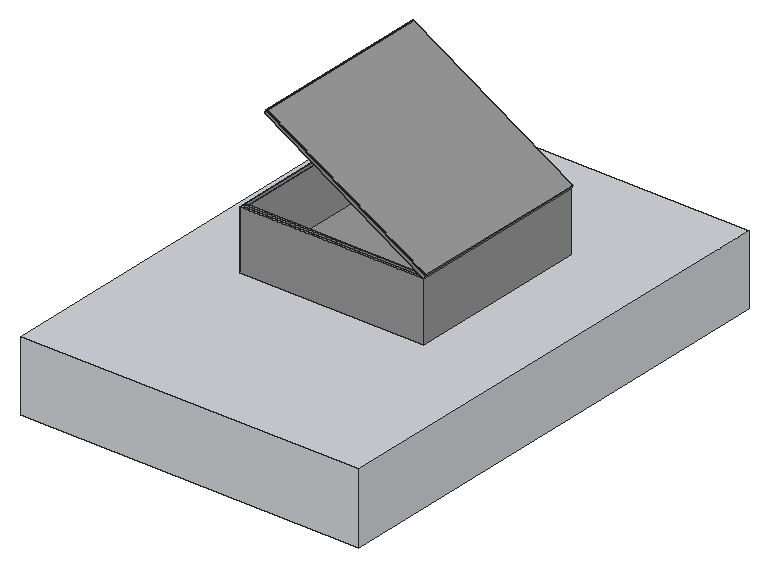
Revit family "Hager-Univers-IP55-D275-H800-Cl.II-Steel_encl-CH-fr", category Equipement électrique, Revit 2020
Family settings
  Hôte = Face
  Configuration du panneau = Deux colonnes, circuits au sein
  Cote de connecteur circulaire = Utiliser le diamètre
  Type d'élément = Tableau de raccordement
  Couper avec des vides une fois chargée = Non
  Partagée = Non
  Point de calcul de pièce = Non
Parameters (values of type "saillie IP55 L800 H800 P275  - FR53S")
  Width Control [instance] = if([EF000008 - largeur] > Min Width, [EF000008 - largeur], Min Width)  # 800 mm
  Commentaires du type = [HG000003 - Gamme]  # "Univers"
  Thickness Door [instance] = if([EF009171 - épaisseur de matériau de la porte/du couvercle] > 3 mm, 3 mm, [EF009171 - épaisseur de matériau de la porte/du couvercle])  # 1.5 mm
  Seal Frame Offset [instance] = 17 mm  # constant formula
  Plinth Visibility [instance] = [HG000027 - Hauteur du socle] > 0 mm  # no
  Model = ""
  Min Width [instance] = 100 mm  # constant formula
  Min Height [instance] = 100 mm  # constant formula
  Min Depth [instance] = (2 * [EF009170 - épaisseur de matériau du boîtier]) + 1 mm  # 4 mm
  Internal Frame Depth [instance] = (Door System Depth * 0.5)  # 9 mm
  Height Control [instance] = if([EF000040 - hauteur] > Min Height, [EF000040 - hauteur], Min Height)  # 800 mm
  HG000027 - Hauteur du socle = 0 mm
  HG000026 - Installation au sol = no
  HG000024 - Hauteur de la section basse = 800 mm
  HG000023 - Armoire double section = no
  HG000016 - Visibilité de la porte 3D [instance] = yes
  HG000015 - Visibilité de l'emprise de la porte [instance] = no
  HG000014 - Porte à droite [instance] = yes
  HG000013 - Porte à gauche [instance] = not([HG000014 - Porte à droite])  # no
  HG000012 - Angle de pivotement de la porte [instance] = 30.00°
  HG000010 - Portes asymétriques = no
  HG000009 - Porte à double battant = no
  HG000006 - Encastré = no
  HG000004 - Référence fabricant = "FR53S"
  HG000003 - Gamme = "Univers"
  HG000002 - avec porte = yes
  Frame Offset Bottom [instance] = 10 mm  # constant formula
  Frame Offset [instance] = 15 mm  # constant formula
  EF015940 - couvercle avec décharge de pression = no
  EF011959 - degré de protection (NEMA) = ""
  EF009554 - nombre d'ouvertures pour plaques à bride = 6
  Fabricant = "Hager"  # constant formula
  EF009212 - finition du couvercle = "EV000116 - fermé"
  EF009171 - épaisseur de matériau de la porte/du couvercle = 1.5 mm
  EF009170 - épaisseur de matériau du boîtier = 1.5 mm
  EF008873 - courant nominal (In) = 800 A
  EF007800 - adapté à un parafoudre = no
  EF006306 - avec serrure = no
  EF006244 - couvercle/porte transparent(e) = no
  EF005474 - indice de protection (IP) = "EV006420 - IP55"
  EF004464 - type de porte = "EV002646 - unique"
  EF004427 - nombre de modules = 180
  EF004293 - indice de protection contre les chocs (IK) = "EV008784 - IK10"
  EF003532 - convient pour utilisation à l’extérieur = no
  EF002950 - largeur en nombre de modules = 24
  EF001613 - maintien de fonction = "EV000494 - sans"
  EF001596 - matériau du boîtier/corps = "EV000179 - acier"
  EF001131 - profondeur intérieure = 275 mm
  EF001088 - possibilité de montage en saillie = yes
  EF000437 - nombre d'entrées de conduit = 6
  EF000339 - type de capot = "EV004216 - porte"
  EF000266 - nombre de rangées = 5
  EF000218 - profondeur d'encastrement = 0 mm
  EF000118 - avec cadre/support de montage = no
  EF000116 - numéro RAL = "7035"
  EF000049 - profondeur = 275 mm
  EF000040 - hauteur = 800 mm
  EF000008 - largeur = 800 mm
  EF000007 - couleur = "EV000270 - gris"
  EF000003 - mode de pose = "EV000384 - saillie"
  Door System Leaf Tolerance [instance] = 1.5 mm  # constant formula
  Door System Depth [instance] = 18 mm  # constant formula
  Door Height [instance] = Height Control - [HG000027 - Hauteur du socle]  # 800 mm
  Depth Control [instance] = if([EF000049 - profondeur] > Min Depth, [EF000049 - profondeur], Min Depth)  # 275 mm
  Default Elevation = 0 mm
  Connector Offset [instance] = Height Control / 2  # 400 mm
  Bottom Top Plate Trim [instance] = 1.5 mm  # constant formula
  Plinth height Ctrl [instance] = if([HG000027 - Hauteur du socle] > 0 mm, [HG000027 - Hauteur du socle], 12 mm)  # 12 mm
Types (5, lengths in mm): name | Width Control | HG000010 - Portes asymétriques | HG000009 - Porte à double battant | HG000004 - Référence fabricant | EF009554 - nombre d'ouvertures pour plaques à bride | EF004464 - type de porte | EF004427 - nombre de modules | EF000437 - nombre d'entrées de conduit | EF000008 - largeur
  saillie IP55 L1050 H800 P275  - FR54S | 1050 | no | yes | "FR54S" | 8 | "EV003602 - double" | 240 | 8 | 1050
  saillie IP55 L1300 H800 P275  - FR55S | 1300 | yes | yes | "FR55S" | 10 | "EV003602 - double" | 300 | 10 | 1300
  saillie IP55 L300 H800 P275  - FR51S | 300 | no | no | "FR51S" | 2 | "EV002646 - unique" | 60 | 2 | 300
  saillie IP55 L550 H800 P275  - FR52S | 550 | no | no | "FR52S" | 4 | "EV002646 - unique" | 120 | 4 | 550
  saillie IP55 L800 H800 P275  - FR53S | 800 | no | no | "FR53S" | 6 | "EV002646 - unique" | 180 | 6 | 800
Reference planes
  plane 1 "Center (Front/Back)": y = 0
  plane 2: z = 0
  plane 3 "Center (Left/Right)": x = 0
  plane 4: z = 275
  plane 5: y = 1.5
  plane 6: y = 400
  plane 7: y = 0
  plane 8: y = 800
  plane 9: z = 0
  plane 10: x = -385
  plane 11: x = 385
  plane 12: x = 383.5
  plane 13: x = -383.5
  plane 14: y = 798.5
  plane 15: x = -383
  plane 16: x = -400
  plane 17: x = 383
  plane 18: x = 400
  plane 19: x = 398.5
  plane 20: x = -398.5
  plane 21: y = 11.5
  plane 22: y = 800
  plane 23: y = 783.5
  plane 24: z = 257
  plane 25: z = 1.5
  plane 26: z = 255.5
  plane 27: z = 273.5
Forms (mm)
  Extrusion 1, solid
    sketch origin (0, 0, 0) x (1, 0, 0) y (0, 1, 0)
      loop
        line (-702.964, 1305) -> (-702.964, -811.445) -> (766.763, -811.445) -> (766.763, 1305) -> (-702.964, 1305)
    from 0 to -304.8
  Extrusion 2, solid, material "Hager_Steel_RAL7035_Light_Grey", visible <- "Plinth Visibility", detail levels medium+fine
    sketch origin (0, 0, 0) x (1, 0, 0) y (0, 1, 0)
      loop
        line (-400, 0) -> (400, 0) -> (400, 12) -> (-400, 12) -> (-400, 0)
    from 0 to 257
  Extrusion 3, solid, material "Hager_Steel_RAL7035_Light_Grey", detail levels medium+fine
    sketch origin (0, 0, 0) x (1, 0, 0) y (0, 1, 0)
      loop
        line (-400, 0) -> (400, 0) -> (400, 800) -> (-400, 800) -> (-400, 0)
    from 0 to 257
  Extrusion 4, void
    sketch origin (0, 0, 0) x (1, 0, 0) y (0, 1, 0)
      loop
        line (-398.5, 1.5) -> (398.5, 1.5) -> (398.5, 798.5) -> (-398.5, 798.5) -> (-398.5, 1.5)
    from 1.5 to 255.5
  Extrusion 5, void
    sketch origin (-381.607, -4572, 257) x (0, -1, 0) y (-1, 0, 0)
      loop
        line (-4583.5, 1.893) -> (-5355.5, 1.893) -> (-5355.5, -765.107) -> (-4583.5, -765.107) -> (-4583.5, 1.893)
    from 0 to 1.5 <- "EF009170 - épaisseur de matériau du boîtier"
  Extrusion 6, solid, material "Hager_Steel_RAL7035_Light_Grey", detail levels fine
    sketch origin (0, 0, 257) x (1, 0, 0) y (0, 1, 0)
      loop
        line (-383.5, 783.5) -> (-383.5, 11.5) -> (383.5, 11.5) -> (383.5, 783.5) -> (-383.5, 783.5)
      loop
        line (-385, 10) -> (385, 10) -> (385, 785) -> (-385, 785) -> (-385, 10)
    from 0 to 9 <- "Internal Frame Depth"
  Extrusion 7, solid, material "Hager_Steel_RAL7035_Light_Grey", detail levels coarse
    sketch origin (0, 0, 0) x (1, 0, 0) y (0, 1, 0)
      loop
        line (-400, 0) -> (400, 0) -> (400, 800) -> (-400, 800) -> (-400, 0)
    from 0 to 275
  Sweep 8, void
    path in 3D
      loop
        line (-400, 12, 0) -> (400, 12, 0) -> (400, 12, 257) -> (-400, 12, 257) -> (-400, 12, 0)
    profile origin (-400, 12, 128.5) x (-1, 0, 0) y (0, -1, 0)
      loop
        line (0, 0) -> (0, 1.5) -> (-1.5, 1.5)
        arc (-1.5, 1.5) -> (-1.061, 0.439) -> (0, 0) r 1.5
Cuts and joins
  Extrusion 4, Extrusion 5 cuts Extrusion 3
  Sweep 8 cuts Extrusion 2
Lines and regions (mm)
  Masking region 1
    outline origin (0, 0, 0) x (1, 0, 0) y (0, 0, 1)
      loop
        line (-400, 275) -> (-400, 0) -> (400, 0) -> (400, 275) -> (-400, 275)
  Masking region 2, detail levels medium+fine
    outline origin (0, 140, 0) x (0, 1, 0) y (0, 0, 1)
      loop
        line (-140, 0) -> (660, 0) -> (660, 257) -> (-140, 257) -> (-140, 0)
  Masking region 3, not visible, detail levels medium+fine
    outline origin (0, 297.922, 0) x (0, 1, 0) y (0, 0, 1)
      loop
        line (113.578, 0) -> (153.578, 0) -> (153.578, 263.5)
        arc (153.578, 263.5) -> (150.649, 270.571) -> (143.578, 273.5) r 10
        line (143.578, 273.5) -> (113.578, 273.5) -> (113.578, 0)
  Masking region 4, detail levels coarse
    outline origin (0, 0, 180) x (0, 1, 0) y (0, 0, 1)
      loop
        line (0, -180) -> (800, -180) -> (800, 95) -> (0, 95) -> (0, -180)
  Masking region 5, visible <- "Plinth Visibility", detail levels medium+fine
    outline origin (0, 52.24, 12.345) x (0, 0, -1) y (0, 1, 0)
      loop
        line (10.845, -40.24) -> (-243.155, -40.24)
        arc (-243.155, -40.24) -> (-243.594, -41.301) -> (-244.655, -41.74) r 1.5
        line (-244.655, -41.74) -> (-244.655, -52.24) -> (12.345, -52.24) -> (12.345, -41.74)
        arc (12.345, -41.74) -> (11.285, -41.301) -> (10.845, -40.24) r 1.5
  Masking region 6, detail levels medium+fine
    outline origin (-381.607, -4572, 257) x (-1, 0, 0) y (0, -1, 0)
      loop
        line (18.393, -5372) -> (18.393, -4572) -> (-781.607, -4572) -> (-781.607, -5372) -> (18.393, -5372)
  Masking region 7, visible <- "Plinth Visibility", detail levels medium+fine
    outline origin (-381.607, -4727, 257) x (-1, 0, 0) y (0, -1, 0)
      loop
        arc (16.893, -4739) -> (17.332, -4737.939) -> (18.393, -4737.5) r 1.5
        line (18.393, -4737.5) -> (18.393, -4727) -> (-781.607, -4727) -> (-781.607, -4737.5)
        arc (-781.607, -4737.5) -> (-780.546, -4737.939) -> (-780.107, -4739) r 1.5
        line (-780.107, -4739) -> (16.893, -4739)
  Masking region 8, detail levels coarse
    outline origin (-442.548, -4669.526, 257) x (-1, 0, 0) y (0, -1, 0)
      loop
        line (-42.548, -5469.526) -> (-42.548, -4669.526) -> (-842.548, -4669.526) -> (-842.548, -5469.526) -> (-42.548, -5469.526)
  sketch lines
    curve 1: line (-400, 12, 257) -> (-400, 12, 0)
    curve 2: line (400, 12, 257) -> (-400, 12, 257)
    curve 3: line (400, 12, 257) -> (400, 12, 0)
    curve 4: line (-400, 12, 0) -> (400, 12, 0)
Dimensions and locks
  "Depth Control": plane 4 to Extrusion 1
  "HG000027 - Hauteur du socle": plane 1 "Center (Front/Back)" to plane 7
  "EF009170 - épaisseur de matériau du boîtier": plane 5 to plane 7
  locked: connector elem to plane 3 "Center (Left/Right)"
  equal spacing: plane 8, plane 6, plane 7
  locked: connector elem to plane 6
  "EF009170 - épaisseur de matériau du boîtier": plane 8 to plane 14
  "EF009170 - épaisseur de matériau du boîtier": plane 10 to plane 13
  "EF009170 - épaisseur de matériau du boîtier": plane 12 to plane 11
  "Frame Offset": plane 20 to plane 13
  "Frame Offset": plane 12 to plane 19
  "EF009170 - épaisseur de matériau du boîtier": plane 16 to plane 20
  "EF009170 - épaisseur de matériau du boîtier": plane 19 to plane 18
  "Seal Frame Offset": plane 16 to plane 15
  "Seal Frame Offset": plane 17 to plane 18
  "Frame Offset Bottom": plane 21 to plane 5
  "Frame Offset": plane 14 to plane 23
  equal spacing: plane 16, plane 3 "Center (Left/Right)", plane 18
  "Width Control": plane 16 to plane 18
  "EF009170 - épaisseur de matériau du boîtier": plane 4 to plane 27
  "EF009170 - épaisseur de matériau du boîtier": plane 24 to plane 26
  "EF009170 - épaisseur de matériau du boîtier": plane 25 to level
  "Door System Depth": plane 4 to plane 24
  "Height Control": plane 1 "Center (Front/Back)" to Extrusion 7 sketch curve
  "Height Control": Masking region 4 sketch curve to plane 1 "Center (Front/Back)"
  "Height Control": plane 1 "Center (Front/Back)" to plane 22
  "Bottom Top Plate Trim": profile plane to Sweep 8 sketch curve
  "Bottom Top Plate Trim": Sweep 8 sketch curve to profile plane
  "Plinth height Ctrl": plane 1 "Center (Front/Back)" to Extrusion 2 sketch curve
  "Plinth height Ctrl": Masking region 5 sketch curve to plane 1 "Center (Front/Back)"
  "Plinth height Ctrl": plane 1 "Center (Front/Back)" to Masking region 7 sketch curve
  "Thickness Door": Extrusion 6 sketch curve to Extrusion 6 sketch curve  (x3)
  "Thickness Door": cut or joined group of Extrusion 3, Extrusion 4, Extrusion 5 to Extrusion 6 sketch curve
  radius of Masking region 3 sketch curve = 10 mm
  "Bottom Top Plate Trim": radius of Masking region 5 sketch curve  (x2)
  "Bottom Top Plate Trim": radius of Sweep 8 sketch curve
  "Bottom Top Plate Trim": radius of Masking region 7 sketch curve  (x2)
  aligned and locked: plane 2 to Extrusion 1
  aligned and locked: level to Extrusion 1
  aligned and locked: level to Masking region 1 sketch curve
  aligned and locked: Masking region 1 sketch curve to plane 18
  aligned and locked: Masking region 1 sketch curve to plane 16
  aligned and locked: plane 7 to Masking region 2 sketch curve
  aligned and locked: level to Masking region 3 sketch curve
  aligned and locked: Masking region 3 sketch curve to plane 27
  aligned and locked: level to Masking region 2 sketch curve
  aligned and locked: plane 1 "Center (Front/Back)" to Extrusion 2 sketch curve
  aligned and locked: Extrusion 3 sketch curve to plane 7
  aligned and locked: plane 16 to Extrusion 3 sketch curve
  aligned and locked: plane 18 to Extrusion 3 sketch curve
  aligned and locked: plane 20 to Extrusion 4 sketch curve
  aligned and locked: plane 19 to Extrusion 4 sketch curve
  aligned and locked: Extrusion 4 sketch curve to plane 5
  aligned and locked: Extrusion 4 to plane 25
  aligned and locked: plane 26 to Extrusion 4
  aligned and locked: plane 24 to Extrusion 3
  aligned and locked: Extrusion 5 sketch curve to plane 21
  aligned and locked: Extrusion 5 sketch curve to plane 13
  aligned and locked: Extrusion 5 sketch curve to plane 12
  aligned and locked: plane 18 to Extrusion 7 sketch curve
  aligned and locked: plane 1 "Center (Front/Back)" to Extrusion 7 sketch curve
  aligned and locked: plane 16 to Extrusion 7 sketch curve
  aligned and locked: plane 4 to Extrusion 7
  aligned and locked: Extrusion 7 to level
  aligned and locked: level to Masking region 4 sketch curve
  aligned and locked: Masking region 4 sketch curve to plane 1 "Center (Front/Back)"
  aligned and locked: Masking region 4 sketch curve to plane 4
  aligned and locked: nested 1 to level
  aligned and locked: nested 1 to plane 16
  aligned and locked: plane 8 to Extrusion 3 sketch curve
  aligned and locked: plane 23 to Extrusion 5 sketch curve
  aligned and locked: plane 14 to Extrusion 4 sketch curve
  aligned and locked: Masking region 2 sketch curve to plane 8
  aligned and locked: level to Masking region 5 sketch curve
  aligned and locked: plane 16 to Extrusion 2 sketch curve
  aligned and locked: plane 18 to Extrusion 2 sketch curve
  aligned and locked: Masking region 5 sketch curve to plane 24
  aligned and locked: Masking region 2 sketch curve to plane 24
  aligned and locked: plane 24 to Extrusion 2
  aligned and locked: profile plane to Sweep 8 sketch curve  (x2)
  aligned and locked: Masking region 6 sketch curve to plane 18
  aligned and locked: Masking region 6 sketch curve to plane 22
  aligned and locked: Masking region 6 sketch curve to plane 16
  aligned and locked: plane 8 to plane 22
  aligned and locked: Masking region 6 sketch curve to plane 7
  aligned and locked: Masking region 7 sketch curve to plane 16
  aligned and locked: Masking region 7 sketch curve to plane 1 "Center (Front/Back)"
  aligned and locked: Masking region 7 sketch curve to plane 18
  aligned and locked: Masking region 8 sketch curve to plane 1 "Center (Front/Back)"
  aligned and locked: Masking region 8 sketch curve to plane 18
  aligned and locked: Masking region 8 sketch curve to plane 22
  aligned and locked: Masking region 8 sketch curve to plane 16
  aligned and locked: nested 2 to plane 7
  aligned and locked: plane 3 "Center (Left/Right)" to nested 2
  aligned and locked: nested 2 to plane 24
  aligned and locked: Extrusion 6 sketch curve to cut or joined group of Extrusion 3, Extrusion 4, Extrusion 5  (x4)
Automatic sketch dimensions
  Extrusion 1 sketch curve to Extrusion 1 sketch curve = 1469.727 mm
  Extrusion 1 sketch curve to Extrusion 1 sketch curve = 2116.445 mm
  Masking region 1 sketch curve to plane 4 = 0 mm
  plane 6 to Masking region 3 sketch curve = 11.5 mm
  Masking region 3 sketch curve to Masking region 3 sketch curve = 30 mm
  Masking region 5 sketch curve to plane 1 "Center (Front/Back)" = 0 mm
Nested families
  nested 1: "Hager_Enclosure_Symbol" at (-400, 0, 0) x (1, 0, 0) z (0, -1, 0), Height <- "Depth Control", Width <- "Width Control", type "Hager_Enclosure_Symbol"
    with Width_Ctrl 800 mm, Width 800 mm, Height_Ctrl 275 mm, Height 275 mm, A_Width_Int 18.047 mm, A_Width 216.562 mm, A_Height_Ctrl 240.625 mm, A_Height 240.625 mm
  nested 2: "EC000058_Univers_Door" at (0, 0, 257) x (1, 0, 0) z (0, 1, 0), Leaf_Tolerance <- "Door System Leaf Tolerance", Angle <- "HG000012 - Angle de pivotement de la porte", Door_Depth <- "Door System Depth", Door_Left <- "HG000013 - Porte à gauche", Transparent <- "EF006244 - couvercle/porte transparent(e)", Assymetrical <- "HG000010 - Portes asymétriques", Width <- "Width Control", Clearance <- "HG000015 - Visibilité de l'emprise de la porte", Double <- "HG000009 - Porte à double battant", 3d_Door <- "HG000016 - Visibilité de la porte 3D", Lock_Visibility <- "EF006306 - avec serrure", Width_Ctrl <- "Width Control", Door_Right <- "HG000014 - Porte à droite", Door <- "HG000002 - avec porte", Height <- "Door Height", Thickness <- "Thickness Door", type "EC000058_Univers_Door", detail levels medium+fine
    with min_wh 4 mm, Width_Ctrl 800 mm, Width 800 mm, Transparent no, Thickness 1.5 mm, Seal_Material Hager_Rubber, Lock_Visibility no, Lock_Material Hager_Plastic_RAL9005_Jet_Black, Leaf_Width 800 mm, Leaf_Tolerance_External_Sides 0 mm, Leaf_Tolerance 1.5 mm, Leaf_Offset 0 mm, Leaf_Height 797 mm, Leaf_2_Width 800 mm, Leaf_2_Offset 400 mm, Leaf_1_Width 800 mm, Leaf_1_Offset 400 mm, Height_Ctrl 800 mm, Height 800 mm, Glass_Material Hager_Glass, Double_Clearance_Ctrl no, Double no, Door_Right_Ctrl yes, Door_Right yes, Door_Material Hager_Steel_RAL7035_Light_Grey, Door_Left_Ctrl no, Door_Left no, Door_Depth 18 mm, Door yes, Clearance_Material Hager_Clearance, Clearance_Depth 800 mm, Clearance_Ctrl no, Clearance no, Assymetrical no, Angle 30.00°, 3d_Door yes
Connectors
  electrical at (0, 400, 0)
    settings: on plane 9, index 1, voltage 0 V, apparent load 0 VA, apparent load phase1 0 VA, apparent load phase2 0 VA, apparent load phase3 0 VA, power factor 1, load classification "Other", number of poles 1, system type 30, power factor state 1, is connector primary yes, connector utility no, sub classification motor no, connector description ""
Definition of nested family "EC000058_Univers_Door"
  Parameters (values of type "EC000058_Univers_Door")
    min_wh [instance] = (2 * Thickness) + 1 mm  # 11 mm
    Width_Ctrl [instance] = 400 mm
    Width [instance] = 500 mm
    Transparent [instance] = yes
    Thickness [instance] = 5 mm
    Seal_Material [instance] = none
    Lock_Visibility [instance] = yes
    Lock_Material [instance] = none
    Leaf_Width [instance] = if((Width_Ctrl - 2 * Leaf_Tolerance_External_Sides) > 0 mm, (Width_Ctrl - 2 * Leaf_Tolerance_External_Sides), min_wh)  # 400 mm
    Leaf_Tolerance_External_Sides [instance] = 0 mm  # constant formula
    Leaf_Tolerance [instance] = 1.5 mm
    Leaf_Offset [instance] = 0 mm  # constant formula
    Leaf_Height [instance] = if((Height_Ctrl - 2 * Leaf_Tolerance) > 0 mm, (Height_Ctrl - 2 * Leaf_Tolerance), min_wh)  # 497 mm
    Leaf_2_Width [instance] = if(and(and(Double, Assymetrical), Door_Left), (Leaf_Width / 3) - (Leaf_Tolerance / 2), if(and(and(Double, Assymetrical), Door_Right), (Leaf_Width / 3) * 2 - (Leaf_Tolerance / 2), if(and(Double, not(Assymetrical)), (Leaf_Width / 2) - Leaf_Tolerance, Leaf_Width)))  # 400 mm
    Leaf_2_Offset [instance] = if(and(Double, Assymetrical), Leaf_2_Width / 2, if(and(Double, not(Assymetrical)), Leaf_Width / 4, Leaf_Width / 2))  # 200 mm
    Leaf_1_Width [instance] = if(and(and(Double, Assymetrical), Door_Right), (Leaf_Width / 3) - (Leaf_Tolerance / 2), if(and(and(Double, Assymetrical), Door_Left), (Width / 3) * 2 - (Leaf_Tolerance / 2), if(and(Double, not(Assymetrical)), (Leaf_Width / 2) - Leaf_Tolerance, Leaf_Width)))  # 400 mm
    Leaf_1_Offset [instance] = if(and(Double, Assymetrical), Leaf_1_Width / 2, if(and(Double, not(Assymetrical)), Leaf_Width / 4, Leaf_Width / 2))  # 200 mm
    Height_Ctrl [instance] = if(Height > min_wh, Height, min_wh)  # 500 mm
    Height [instance] = 500 mm
    Glass_Material [instance] = none
    Double_Clearance_Ctrl [instance] = and(Double, Clearance)  # no
    Double [instance] = no
    Door_Right_Ctrl [instance] = and(or(Door_Right, Double), Door)  # yes
    Door_Right [instance] = yes
    Door_Material [instance] = none
    Door_Left_Ctrl [instance] = and(or(Door_Left, Double), Door)  # no
    Door_Left [instance] = no
    Door_Depth [instance] = 30 mm
    Door [instance] = yes
    Default Elevation = 1219.2 mm
    Clearance_Material [instance] = none
    Clearance_Depth [instance] = if(Leaf_1_Width > Leaf_2_Width, Leaf_1_Width, Leaf_2_Width)  # 400 mm
    Clearance_Ctrl [instance] = and(not(Double), Clearance)  # yes
    Clearance [instance] = yes
    Assymetrical [instance] = yes
    Angle [instance] = 30.00°
    3d_Door [instance] = yes
  Reference planes
    plane 1 "Center (Front/Back)": y = 0
    plane 2 "Bottom": z = 0
    plane 3 "Center (Left/Right)": x = 0
    plane 4: z = 500
    plane 5: x = -200
    plane 6: x = 200
    plane 7: z = 500
    plane 8: x = -200
    plane 9: z = 0
    plane 10: x = 200
    plane 11: y = 0
    plane 12: z = 1.5
    plane 13: x = -600
    plane 14: y = -400
    plane 15: x = 600
    plane 16: x = 0
    plane 17: x = 0
    plane 18: x = -200
    plane 19: x = 200
    plane 20: z = 498.5
  Forms (mm)
    Extrusion 1, solid, material <- "Clearance_Material", visible <- "Double_Clearance_Ctrl"
      sketch origin (1200, 0, 0) x (1, 0, 0) y (0, 0, -1)
        loop
          line (-1800, -498.5) -> (-600, -498.5) -> (-600, 0) -> (-1800, 0) -> (-1800, -498.5)
      from 0 to -400
  Dimensions and locks
    equal spacing: plane 5, plane 3 "Center (Left/Right)", plane 6
    "Width_Ctrl": plane 5 to plane 6
    "Leaf_Offset": plane 5 to plane 8
    "Leaf_Offset": plane 6 to plane 10
    "Leaf_Offset": plane 9 to level
    "Leaf_Offset": plane 4 to plane 7
    "Height_Ctrl": plane 4 to level
    "Leaf_Tolerance": plane 12 to plane 9
    locked: plane 11 to plane 1 "Center (Front/Back)"
    "Leaf_1_Offset": plane 18 to plane 16
    "Leaf_2_Offset": plane 17 to plane 19
    "Leaf_1_Width": plane 13 to plane 8
    "Leaf_2_Width": plane 10 to plane 15
    "Clearance_Depth": plane 14 to plane 1 "Center (Front/Back)"
    "Leaf_Tolerance_External_Sides": plane 8 to plane 18
    "Leaf_Tolerance_External_Sides": plane 19 to plane 10
    "Leaf_Tolerance": plane 7 to plane 20
    aligned and locked: level to plane 2 "Bottom"
    aligned and locked: nested 1 to plane 16
    aligned and locked: nested 2 to plane 17
    aligned and locked: Extrusion 1 to plane 13
    aligned and locked: plane 15 to Extrusion 1
    aligned and locked: Extrusion 1 to plane 14
    aligned and locked: plane 12 to nested 1
    aligned and locked: nested 2 to plane 12
    aligned and locked: Extrusion 1 to plane 11
    aligned and locked: plane 20 to Extrusion 1
    aligned and locked: nested 2 to plane 11
    aligned and locked: nested 1 to plane 11
  Automatic sketch dimensions
    Extrusion 1 sketch curve to level = 0 mm
    plane 5 to Extrusion 1 sketch curve = 400 mm
    plane 6 to Extrusion 1 sketch curve = 400 mm
    Extrusion 1 sketch curve to plane 4 = 1.5 mm
  Nested families
    nested 1: "EC000058_Univers_Door_Leaf" at (0, 0, 1.5), Width <- "Leaf_1_Width", visible <- "Door_Left_Ctrl", Leaf_Height <- "Leaf_Height", Angle <- "Angle", 3d_Door <- "3d_Door", Transparent <- "Transparent", Clearance Material <- "Clearance_Material", Clearance <- "Clearance_Ctrl", Door_Material <- "Door_Material", Glass_Material <- "Glass_Material", Door_Depth <- "Door_Depth", Lock_Material <- "Lock_Material", Seal_Material <- "Seal_Material", Lock_Visibility <- "Lock_Visibility", Thickness <- "Thickness", type "EC000058_Univers_Door_Leaf"
      with Width 400 mm, Transparent_Glass_Offset 30 mm, Transparent_Ctrl yes, Transparent yes, Thickness 5 mm, Standard no, Seal_Material none, Seal_D2 8 mm, Seal_D1 1 mm, Offset_Internal_Frame 10 mm, Lock_Width 20 mm, Lock_Visibility_3d yes, Lock_Visibility yes, Lock_Thickness_3 3 mm, Lock_Thickness_2 1 mm, Lock_Thickness_1 3 mm, Lock_Radius_Offset_2 16 mm, Lock_Radius_Offset_1 15 mm, Lock_Radius_2 5 mm, Lock_Radius 6 mm, Lock_Offset 5 mm, Lock_Material none, Lock_Height 80 mm, Lock_Cover_Top_Offset_2d 17 mm, Lock_Cover_Height -65 mm, Leaf_Height 497 mm, Internal_Seal_Thickness 8 mm, Internal_Seal_Depth_2 4.5 mm, Internal_Frame_Depth 25 mm, Glass_Thickness -1 mm, Glass_Offset -2 mm, Glass_Material none, Door_Material none, Door_Depth 30 mm, Clearance Material none, Clearance yes, Angle_Ctrl 30.00°, Angle 30.00°, 3d_Door yes
    nested 2: "EC000058_Univers_Door_Leaf" at (0, 0, 1.5) x (-1, 0, 0) z (0, 0, 1), Width <- "Leaf_2_Width", visible <- "Door_Right_Ctrl", Leaf_Height <- "Leaf_Height", Angle <- "Angle", 3d_Door <- "3d_Door", Transparent <- "Transparent", Clearance Material <- "Clearance_Material", Clearance <- "Clearance_Ctrl", Door_Material <- "Door_Material", Glass_Material <- "Glass_Material", Door_Depth <- "Door_Depth", Lock_Material <- "Lock_Material", Seal_Material <- "Seal_Material", Lock_Visibility <- "Lock_Visibility", Thickness <- "Thickness", type "EC000058_Univers_Door_Leaf"
      with Width 400 mm, Transparent_Glass_Offset 30 mm, Transparent_Ctrl yes, Transparent yes, Thickness 5 mm, Standard no, Seal_Material none, Seal_D2 8 mm, Seal_D1 1 mm, Offset_Internal_Frame 10 mm, Lock_Width 20 mm, Lock_Visibility_3d yes, Lock_Visibility yes, Lock_Thickness_3 3 mm, Lock_Thickness_2 1 mm, Lock_Thickness_1 3 mm, Lock_Radius_Offset_2 16 mm, Lock_Radius_Offset_1 15 mm, Lock_Radius_2 5 mm, Lock_Radius 6 mm, Lock_Offset 5 mm, Lock_Material none, Lock_Height 80 mm, Lock_Cover_Top_Offset_2d 17 mm, Lock_Cover_Height -65 mm, Leaf_Height 497 mm, Internal_Seal_Thickness 8 mm, Internal_Seal_Depth_2 4.5 mm, Internal_Frame_Depth 25 mm, Glass_Thickness -1 mm, Glass_Offset -2 mm, Glass_Material none, Door_Material none, Door_Depth 30 mm, Clearance Material none, Clearance yes, Angle_Ctrl 30.00°, Angle 30.00°, 3d_Door yes
  Definition of nested family "EC000058_Univers_Door_Leaf"
    Parameters (values of type "EC000058_Univers_Door_Leaf")
      Width [instance] = 2000 mm
      Transparent_Glass_Offset [instance] = 30 mm
      Transparent_Ctrl [instance] = and(Transparent, [3d_Door])  # yes
      Transparent [instance] = yes
      Thickness [instance] = 5 mm
      Standard [instance] = and(not(Transparent), [3d_Door])  # no
      Seal_Material [instance] = none
      Seal_D2 [instance] = 8 mm  # constant formula
      Seal_D1 [instance] = 1 mm  # constant formula
      Offset_Internal_Frame [instance] = 10 mm  # constant formula
      Lock_Width [instance] = 20 mm  # constant formula
      Lock_Visibility_3d [instance] = and(Lock_Visibility, [3d_Door])  # yes
      Lock_Visibility [instance] = yes
      Lock_Thickness_3 [instance] = 3 mm  # constant formula
      Lock_Thickness_2 [instance] = 1 mm  # constant formula
      Lock_Thickness_1 [instance] = 3 mm  # constant formula
      Lock_Radius_Offset_2 [instance] = Lock_Radius_Offset_1 + 1 mm  # 16 mm
      Lock_Radius_Offset_1 [instance] = 15 mm  # constant formula
      Lock_Radius_2 [instance] = Lock_Radius - 1 mm  # 5 mm
      Lock_Radius [instance] = 6 mm  # constant formula
      Lock_Offset [instance] = 5 mm  # constant formula
      Lock_Material [instance] = none
      Lock_Height [instance] = 80 mm  # constant formula
      Lock_Cover_Top_Offset_2d [instance] = Lock_Radius_Offset_2 + 1 mm  # 17 mm
      Lock_Cover_Height [instance] = -(Lock_Height - Lock_Radius_Offset_1)  # -65 mm
      Leaf_Height [instance] = 2720.336 mm
      Internal_Seal_Thickness [instance] = 8 mm  # constant formula
      Internal_Seal_Depth_2 [instance] = 4.5 mm  # constant formula
      Internal_Frame_Depth [instance] = if(Door_Depth - Thickness > 5 mm, Door_Depth - Thickness, 5 mm)  # 25 mm
      Glass_Thickness [instance] = if(Thickness > 15 mm, Glass_Offset + 10 mm, -1 mm)  # -1 mm
      Glass_Offset [instance] = if(Thickness > 15 mm, -(Thickness + 10 mm) / 2, -2 mm)  # -2 mm
      Glass_Material [instance] = none
      Door_Material [instance] = none
      Door_Depth [instance] = 30 mm
      Default Elevation = 0 mm
      Clearance Material [instance] = none
      Clearance [instance] = yes
      Angle_Ctrl [instance] = if(Angle > 180.00°, 180.00°, Angle)  # 90.00°
      Angle [instance] = 90.00°
      3d_Door [instance] = yes
    Reference planes
      plane 1 "Center (Front/Back)": y = 0
      plane 2: z = 0
      plane 3 "Center (Left/Right)": x = 0
      plane 4: y = 2000
      plane 5: x = -1000
      plane 6: x = 1000
      plane 7: x = -3000
      plane 8: z = 2720.336
      plane 9: z = 30
      plane 10: z = 2690.336
      plane 11: x = 970
      plane 12: x = -970
      plane 13: y = -3
      plane 14: z = 107.833
      plane 15: y = -5
      plane 16: y = -223.314
      plane 17: x = -1000
      plane 18: z = 1360.168
      plane 19: y = 30
    Forms (mm)
      Extrusion 1, solid, material <- "Clearance Material", visible <- "Clearance"
        sketch origin (0, 0, 0) x (1, 0, 0) y (0, 0, 1)
          loop
            line (-3000, 2720.336) -> (-3000, 0) -> (1000, 0) -> (1000, 2720.336) -> (-3000, 2720.336)
        from 0 to -2000
      Extrusion 2, solid, material <- "Door_Material", visible <- "Standard", detail levels medium+fine
        sketch origin (-1000, 0, 0) x (0, 1, 0) y (-1, 0, 0)
          loop
            line (0, 30) -> (0, 25) -> (2000, 25) -> (2000, 30) -> (0, 30)
        from 0 to 2720.336 <- "Leaf_Height"
      Extrusion 3, solid, material <- "Door_Material", visible <- "Transparent_Ctrl", detail levels medium+fine
        sketch origin (-1000, 0, 0) x (0, 1, 0) y (-1, 0, 0)
          loop
            line (0, 25) -> (2000, 25) -> (2000, 30) -> (0, 30) -> (0, 25)
        from 0 to 2720.336 <- "Leaf_Height"
      Extrusion 4, void
        sketch origin (-1025, 2000, 0) x (0, 1, 0) y (0, 0, -1)
          loop
            line (-30, -2690.336) -> (-30, -30) -> (-1970, -30) -> (-1970, -2690.336) -> (-30, -2690.336)
        from 0 to 5 <- "Thickness"
      Sweep 5, solid, material <- "Seal_Material", visible <- "Transparent_Ctrl", detail levels fine
        path in 3D
          loop
            line (-1025, 30, 30) -> (-1025, 30, 2690.336) -> (-1025, 1970, 2690.336) -> (-1025, 1970, 30) -> (-1025, 30, 30)
        profile origin (-1025, 1000, 30) x (1, 0, 0) y (0, 0, 1)
          loop
            line (0, 0) -> (0, -8) -> (1, -8) -> (1, 0) -> (0, 0)
      Extrusion 6, solid, material <- "Glass_Material", visible <- "Transparent_Ctrl", detail levels medium+fine
        sketch origin (-1030, 0, 0) x (0, 1, 0) y (0, 0, -1)
          loop
            line (1970, -2690.336) -> (1970, -30) -> (30, -30) -> (30, -2690.336) -> (1970, -2690.336)
        from -2 <- "Glass_Offset" to -1 <- "Glass_Thickness"
      Extrusion 7, solid, material <- "Door_Material", visible <- "3d_Door", detail levels medium+fine
        sketch origin (-1025, 2000, 0) x (0, -1, 0) y (0, 0, -1)
          loop
            line (0, -2720.336) -> (2000, -2720.336) -> (2000, 0) -> (0, 0) -> (0, -2720.336)
          loop
            line (1995, -5) -> (5, -5) -> (5, -2715.336) -> (1995, -2715.336) -> (1995, -5)
        from 0 to 25 <- "Internal_Frame_Depth"
      Sweep 8, solid, material <- "Seal_Material", visible <- "Transparent_Ctrl", detail levels fine
        path in 3D
          loop
            line (-1025, 0, 0) -> (-1025, 2000, 0) -> (-1025, 2000, 2720.336) -> (-1025, 0, 2720.336) -> (-1025, 0, 0)
        profile origin (-1025, 0, 1360.168) x (1, 0, 0) y (0, 1, 0)
          loop
            line (0, 10) -> (2.975, 10)
            arc (2.975, 10) -> (4.053, 10.447) -> (4.5, 11.525) r 1.525
            line (4.5, 11.525) -> (4.5, 16.527)
            arc (4.5, 16.527) -> (4.069, 17.569) -> (3.027, 18) r 1.473
            line (3.027, 18) -> (0, 18) -> (0, 10)
      Extrusion 9, solid, material <- "Lock_Material", visible <- "Lock_Visibility_3d", detail levels fine
        sketch origin (-1030, 0, 0) x (0, 1, 0) y (0, 0, -1)
          loop
            arc (1993.5, -1400.168) -> (1994.561, -1399.729) -> (1995, -1398.668) r 1.5
            line (1995, -1398.668) -> (1995, -1320.168) -> (1975, -1320.168) -> (1975, -1398.668)
            arc (1975, -1398.668) -> (1975.439, -1399.729) -> (1976.5, -1400.168) r 1.5
            line (1976.5, -1400.168) -> (1993.5, -1400.168)
        from 3 <- "Lock_Thickness_1" to 0
      Blend 10, solid, material <- "Lock_Material", visible <- "Lock_Visibility_3d", detail levels fine
        base sketch origin (-1033, 0, 0) x (0, 1, 0) y (0, 0, -1)
          loop
            line (1975, -1320.168) -> (1975, -1398.668)
            arc (1975, -1398.668) -> (1975.439, -1399.729) -> (1976.5, -1400.168) r 1.5
            line (1976.5, -1400.168) -> (1993.5, -1400.168)
            arc (1993.5, -1400.168) -> (1994.561, -1399.729) -> (1995, -1398.668) r 1.5
            line (1995, -1398.668) -> (1995, -1320.168) -> (1975, -1320.168)
        top sketch origin (-1033, 0, 0) x (0, 1, 0) y (0, 0, -1)
          loop
            line (1976, -1320.168) -> (1976, -1398.668)
            arc (1976, -1398.668) -> (1976.146, -1399.022) -> (1976.5, -1399.168) r 0.5
            line (1976.5, -1399.168) -> (1993.5, -1399.168)
            arc (1993.5, -1399.168) -> (1993.854, -1399.022) -> (1994, -1398.668) r 0.5
            line (1994, -1398.668) -> (1994, -1320.168) -> (1976, -1320.168)
        from 0 to 1 <- "Lock_Thickness_2"
      Blend 11, solid, material <- "Lock_Material", visible <- "Lock_Visibility_3d", detail levels fine
        base sketch origin (-1034, 0, 0) x (0, 1, 0) y (0, 0, -1)
          loop
            line (1978, -1320.168) -> (1978, -1384.168)
            arc (1978, -1384.168) -> (1985, -1391.168) -> (1992, -1384.168) r 7
            line (1992, -1384.168) -> (1992, -1320.168) -> (1978, -1320.168)
        top sketch origin (-1034, 0, 0) x (0, 1, 0) y (0, 0, -1)
          loop
            line (1991, -1320.168) -> (1979, -1320.168) -> (1979, -1383.168)
            arc (1979, -1383.168) -> (1985, -1389.168) -> (1991, -1383.168) r 6
            line (1991, -1383.168) -> (1991, -1320.168)
        from 0 to 3 <- "Lock_Thickness_3"
      Extrusion 12, solid, material <- "Lock_Material", visible <- "Lock_Visibility_3d", detail levels fine
        sketch origin (-1030, 1975, 1320.168) x (1, 0, 0) y (0, -1, 0)
          loop
            line (-7, -19) -> (-7, -1) -> (0, -1) -> (0, 0) -> (-8, 0) -> (-8, -20) -> (0, -20) -> (0, -19) -> (-7, -19)
        from 0 to -65 <- "Lock_Cover_Height"
      Extrusion 13, void
        sketch origin (-1038, 1995, 1320.168) x (-1, 0, 0) y (0, 0, -1)
          loop
            line (-5, -65) -> (0, -65) -> (-5, -60) -> (-5, -65)
        from 0 to 20 <- "Lock_Width"
      Extrusion 14, void
        sketch origin (-1038, 1975, 1320.168) x (0, -1, 0) y (0, 0, -1)
          loop
            circle (-10, -15.995) r 6
          loop
            circle (-10, -15.995) r 5
        from 0 to 2
      Extrusion 15, solid, material <- "Lock_Material", visible <- "Lock_Visibility_3d", detail levels medium
        sketch origin (-1030, 0, 0) x (0, 1, 0) y (0, 0, -1)
          loop
            arc (1993.5, -1400.168) -> (1994.561, -1399.729) -> (1995, -1398.668) r 1.5
            line (1995, -1398.668) -> (1995, -1320.168) -> (1975, -1320.168) -> (1975, -1398.668)
            arc (1975, -1398.668) -> (1975.439, -1399.729) -> (1976.5, -1400.168) r 1.5
            line (1976.5, -1400.168) -> (1993.5, -1400.168)
        from 8 to 0
    Cuts and joins
      Extrusion 4 cuts Extrusion 3
      Extrusion 13, Extrusion 14 cuts Extrusion 9
      Extrusion 14 cuts Blend 11
      Extrusion 13, Extrusion 14 cuts Extrusion 12
      joined: Extrusion 9, Blend 10, Blend 11, Extrusion 12
      Extrusion 14 cuts Extrusion 15
    Lines and regions (mm)
      Masking region 1, visible <- "Lock_Visibility", detail levels fine
        outline origin (0, 0, 0) x (0, 1, 0) y (0, 0, 1)
          loop
            line (30, 1320.168) -> (33, 1320.168) -> (33, 1400.168) -> (30, 1400.168) -> (30, 1320.168)
      Masking region 2, visible <- "Lock_Visibility", detail levels fine
        outline origin (0, 3.143, 0) x (0, 1, 0) y (0, 0, 1)
          loop
            line (29.857, 1354.168) -> (30.857, 1354.168) -> (30.857, 1366.168) -> (29.857, 1366.168) -> (29.857, 1354.168)
      Masking region 3, detail levels medium+fine
        outline origin (0, 0, 0) x (0, 1, 0) y (0, 0, 1)
          loop
            line (0, 0) -> (30, 0) -> (30, 2720.336) -> (0, 2720.336) -> (0, 0)
      Masking region 4, detail levels medium+fine
        outline origin (0, 0, 0) x (1, 0, 0) y (0, 0, 1)
          loop
            line (-1000, 2720.336) -> (-1000, 0) -> (1000, 0) -> (1000, 2720.336) -> (-1000, 2720.336)
      Masking region 5, visible <- "Lock_Visibility", detail levels fine
        outline origin (-47.116, 0, 0) x (1, 0, 0) y (0, 0, 1)
          loop
            arc (1024.616, 1399.168) -> (1023.556, 1398.729) -> (1023.116, 1397.668) r 1.5
            line (1023.116, 1397.668) -> (1023.116, 1320.168) -> (1041.116, 1320.168) -> (1041.116, 1397.668)
            arc (1041.116, 1397.668) -> (1040.677, 1398.729) -> (1039.616, 1399.168) r 1.5
            line (1039.616, 1399.168) -> (1024.616, 1399.168)
      Masking region 6, visible <- "Lock_Visibility", detail levels medium+fine
        outline origin (-25, 0, 0) x (1, 0, 0) y (0, 0, 1)
          loop
            arc (1001.5, 1400.168) -> (1000.439, 1399.729) -> (1000, 1398.668) r 1.5
            line (1000, 1398.668) -> (1000, 1320.168) -> (1020, 1320.168) -> (1020, 1398.668)
            arc (1020, 1398.668) -> (1019.561, 1399.729) -> (1018.5, 1400.168) r 1.5
            line (1018.5, 1400.168) -> (1001.5, 1400.168)
      Masking region 7, visible <- "Lock_Visibility", detail levels fine
        outline origin (-73.735, 0, 0) x (1, 0, 0) y (0, 0, 1)
          loop
            line (1051.735, 1382.168) -> (1065.735, 1382.168) -> (1065.735, 1384.168)
            arc (1065.735, 1384.168) -> (1058.735, 1391.168) -> (1051.735, 1384.168) r 7
            line (1051.735, 1384.168) -> (1051.735, 1382.168)
      Masking region 8, visible <- "Lock_Visibility", detail levels fine
        outline origin (-73.735, 0, 0) x (1, 0, 0) y (0, 0, 1)
          loop
            line (1052.735, 1382.168) -> (1064.735, 1382.168) -> (1064.735, 1383.168)
            arc (1064.735, 1383.168) -> (1058.735, 1389.168) -> (1052.735, 1383.168) r 6
            line (1052.735, 1383.168) -> (1052.735, 1382.168)
      Masking region 9, visible <- "Lock_Visibility", detail levels fine
        outline origin (-25, 0, 0) x (1, 0, 0) y (0, 0, 1)
          loop
            line (1020, 1320.168) -> (1020, 1382.168) -> (1000, 1382.168) -> (1000, 1320.168) -> (1020, 1320.168)
      Masking region 10, detail levels medium+fine
        outline origin (0, 0, 0) x (1, 0, 0) y (0, 0, 1)
          loop
            circle (985, 1335.144) r 6
      Masking region 11, detail levels fine
        outline origin (0, 0, 0) x (1, 0, 0) y (0, 0, 1)
          loop
            circle (985, 1335.144) r 5
      Masking region 12, visible <- "Lock_Visibility", detail levels fine
        outline origin (0, 12.767, 0) x (0, 1, 0) y (0, 0, 1)
          loop
            line (20.233, 1320.168) -> (21.233, 1320.168) -> (21.233, 1399.168) -> (20.233, 1400.168) -> (20.233, 1320.168)
      Masking region 13, visible <- "Lock_Visibility", detail levels fine
        outline origin (0, 13.767, -10) x (0, 1, 0) y (0, 0, 1)
          loop
            line (20.233, 1330.168) -> (23.233, 1330.168) -> (23.233, 1399.168) -> (20.233, 1402.168) -> (20.233, 1330.168)
      Masking region 14, visible <- "Lock_Visibility", detail levels fine
        outline origin (0, 12.767, -10) x (0, 1, 0) y (0, 0, 1)
          loop
            line (20.233, 1330.168) -> (25.233, 1330.168) -> (25.233, 1399.305) -> (20.233, 1394.305) -> (20.233, 1330.168)
      Masking region 15, visible <- "Lock_Visibility", detail levels medium
        outline origin (0, 0, 0) x (0, 1, 0) y (0, 0, 1)
          loop
            line (30, 1320.168) -> (38, 1320.168) -> (38, 1400.168) -> (30, 1400.168) -> (30, 1320.168)
      Masking region 16, visible <- "Lock_Visibility", detail levels fine
        outline origin (-1000, 0, 0) x (0, 1, 0) y (-1, 0, 0)
          loop
            line (1975, 30) -> (1995, 30) -> (1995, 38) -> (1975, 38) -> (1975, 30)
          loop
            line (1979, 37) -> (1976, 37) -> (1976, 34) -> (1978, 34) -> (1979, 37)
          loop
            line (1994, 37) -> (1991, 37) -> (1992, 34) -> (1994, 34) -> (1994, 37)
      Masking region 17, visible <- "Lock_Visibility", detail levels medium
        outline origin (-1000, 0, 0) x (0, 1, 0) y (-1, 0, 0)
          loop
            line (1975, 30) -> (1995, 30) -> (1995, 38) -> (1975, 38) -> (1975, 30)
      symbolic lines
        curve 1: line (1000, 0, 0) -> (-3000, 0, 0)
        curve 2: arc (1000, 0, 0) -> (-1000, 2000, 0) -> (-3000, 0, 0) r 2000
        curve 4: line (-1030, 0, 0) -> (-1030, 2000, 0)
      reference lines
        curve 3: line (-1000, 0, 0) -> (-1000, 2000, 0)
      symbolic lines, detail levels medium+fine
        curve 5: line (-1030, 2000, 0) -> (-1025, 2000, 0)
        curve 7: line (-1025, 0, 0) -> (-1030, 0, 0)
        curve 8: line (-1025, 0, 0) -> (-1000, 0, 0)
        curve 9: line (-1000, 0, 0) -> (-1000, 2000, 0)
        curve 10: line (-1000, 2000, 0) -> (-1025, 2000, 0)
      symbolic lines, detail levels fine
        curve 6: line (-1025, 2000, 0) -> (-1025, 0, 0)
      sketch lines
        curve 11: line (-1025, 0, 2720.336) -> (-1025, 0, 0)
        curve 12: line (-1025, 2000, 0) -> (-1025, 0, 0)
        curve 13: line (-1025, 2000, 2720.336) -> (-1025, 2000, 0)
        curve 14: line (-1025, 0, 2720.336) -> (-1025, 2000, 2720.336)
        curve 15: line (-1025, 1970, 30) -> (-1025, 30, 30)
        curve 16: line (-1025, 30, 30) -> (-1025, 30, 2690.336)
        curve 17: line (-1025, 1970, 2690.336) -> (-1025, 1970, 30)
        curve 18: line (-1025, 30, 2690.336) -> (-1025, 1970, 2690.336)
      symbolic lines, visible <- "Transparent", detail levels medium+fine
        curve 19: line (-970, 0, 2690.336) -> (970, 0, 2690.336)
        curve 20: line (-970, 0, 30) -> (-970, 0, 2690.336)
        curve 21: line (970, 0, 30) -> (-970, 0, 30)
        curve 22: line (970, 0, 2690.336) -> (970, 0, 30)
    Dimensions and locks
      "Width": plane 1 "Center (Front/Back)" to plane 4
      equal spacing: plane 5, plane 3 "Center (Left/Right)", plane 6
      "Width": plane 5 to plane 6
      "Width": plane 7 to plane 5
      "Leaf_Height": plane 8 to level
      "Width": curve 5 to curve 3
      "Width": curve 3 to curve 3
      plane 8 to plane 10 = 30 mm
      plane 9 to level = 30 mm
      plane 12 to plane 5 = 30 mm
      plane 6 to plane 11 = 30 mm
      Extrusion 1 to Extrusion 4 sketch curve = 30 mm
      "Transparent_Glass_Offset": curve 3 to Extrusion 4 sketch curve
      "Transparent_Glass_Offset": Extrusion 4 sketch curve to cut or joined group of Extrusion 3, Extrusion 4  (x2)
      cut or joined group of Extrusion 3, Extrusion 4 to Extrusion 6 sketch curve = 30 mm
      "Transparent_Glass_Offset": cut or joined group of Extrusion 3, Extrusion 4 to Extrusion 4 sketch curve
      "Thickness": curve 6 to curve 4
      "Thickness": Extrusion 7 sketch curve to Extrusion 7 sketch curve  (x4)
      "Door_Depth": curve 4 to curve 3
      "Offset_Internal_Frame": profile plane to Sweep 8 sketch curve
      "Internal_Seal_Thickness": Sweep 8 sketch curve to Sweep 8 sketch curve
      "Internal_Seal_Depth_2": profile plane to Sweep 8 sketch curve
      "Seal_D1": profile plane to Sweep 5 sketch curve
      "Seal_D2": profile plane to Sweep 5 sketch curve
      "Thickness": Extrusion 2 sketch curve to Extrusion 2 sketch curve
      equal spacing: Extrusion 9 sketch curve, plane 18, Extrusion 9 sketch curve  (x2)
      equal spacing: Masking region 1 sketch curve, plane 18, Masking region 1 sketch curve
      "Lock_Height": Masking region 1 sketch curve to Masking region 1 sketch curve
      "Lock_Radius": Masking region 2 sketch curve to plane 18 to Masking region 2 sketch curve
      Masking region 2 sketch curve to Masking region 1 = 1 mm
      "Door_Depth": plane 19 to plane 1 "Center (Front/Back)"
      "Lock_Thickness_1": Masking region 1 sketch curve to plane 19
      "Lock_Width": Extrusion 9 sketch curve to Extrusion 9 sketch curve
      "Lock_Height": Extrusion 9 sketch curve to Extrusion 9 sketch curve
      "Lock_Offset": cut or joined group of Extrusion 3, Extrusion 4 to Extrusion 9 sketch curve
      equal spacing: plane 8, plane 18, level
      "Lock_Radius_Offset_1": Blend 11 sketch curve to Blend 10
      locked: Blend 10 to Blend 11 sketch curve at 2  (x2)
      locked: var sketch to Blend 11 sketch curve at 1  (x2)
      "Lock_Radius_Offset_2": Blend 11 sketch curve to Blend 10
      locked: Extrusion 12 sketch curve to Extrusion 12 sketch curve at 1  (x3)
      Masking region 6 sketch curve to Masking region 6 sketch curve = 80 mm
      "Lock_Height": Masking region 6 sketch curve to Masking region 6 sketch curve
      "Lock_Width": Masking region 6 sketch curve to Masking region 6 sketch curve
      locked: Masking region 6 to Masking region 5 sketch curve at 1  (x3)
      locked: Masking region 5 to Masking region 7 sketch curve at 2  (x2)
      "Lock_Radius_Offset_1": Masking region 5 to Masking region 7 sketch curve
      "Lock_Radius_Offset_2": Masking region 5 to Masking region 8 sketch curve
      locked: Masking region 7 to Masking region 8 sketch curve at 1  (x2)
      "Lock_Cover_Top_Offset_2d": Masking region 5 to Masking region 9 sketch curve
      equal spacing: Masking region 9, Masking region 10 sketch curve, Masking region 9
      equal spacing: Masking region 9, Masking region 11 sketch curve, Masking region 9
      Extrusion 15 sketch curve to Extrusion 15 sketch curve = 80 mm
      "Lock_Width": Extrusion 15 sketch curve to Extrusion 15 sketch curve
      "Lock_Height": Extrusion 15 sketch curve to Extrusion 15 sketch curve
      equal spacing: Extrusion 15 sketch curve, plane 18, Extrusion 15 sketch curve
      "Lock_Thickness_3": Masking region 13 sketch curve to Masking region 13 sketch curve
      "Lock_Height": Masking region 12 sketch curve to Masking region 12 sketch curve
      locked: Masking region 13 sketch curve to Masking region 1 at 8
      locked: Masking region 14 sketch curve to Masking region 13 at 1
      locked: Masking region 14 sketch curve to Masking region 1 at 10.863
      "Lock_Height": Masking region 15 sketch curve to Masking region 15 sketch curve
      "Lock_Offset": Extrusion 15 sketch curve to cut or joined group of Extrusion 3, Extrusion 4
      "Lock_Offset": plane 6 to Masking region 6 sketch curve
      radius of Sweep 8 sketch curve = 1.525 mm
      radius of Sweep 8 sketch curve = 1.473 mm
      radius of Extrusion 9 sketch curve = 1.5 mm  (x2)
      "Lock_Radius": radius of Extrusion 14 sketch curve
      "Lock_Radius_2": radius of Extrusion 14 sketch curve
      "Lock_Radius": radius of Masking region 10 sketch curve
      "Lock_Radius_2": radius of Masking region 11 sketch curve
      radius of Extrusion 15 sketch curve = 1.5 mm  (x2)
      "Angle_Ctrl": angle plane 1 "Center (Front/Back)" to curve 3
      locked: Masking region 12 sketch curve to Masking region 12 sketch curve (angle 45.00°)
      locked: Masking region 13 sketch curve to Masking region 13 sketch curve (angle 45.00°)
      locked: Masking region 14 sketch curve to Masking region 14 sketch curve (angle 45.00°)
      aligned and locked: level to plane 2
      aligned and locked: Extrusion 1 to curve 1
      aligned and locked: plane 6 to Extrusion 1
      aligned and locked: Extrusion 1 to plane 1 "Center (Front/Back)"
      aligned and locked: plane 4 to Extrusion 1
      aligned and locked: plane 8 to Extrusion 1
      aligned and locked: curve 7 to Extrusion 2 sketch curve
      aligned and locked: curve 5 to Extrusion 2 sketch curve
      aligned and locked: curve 7 to Extrusion 3 sketch curve
      aligned and locked: Extrusion 3 sketch curve to curve 4
      aligned and locked: Extrusion 3 sketch curve to curve 6
      aligned and locked: Extrusion 3 sketch curve to curve 5
      aligned and locked: curve 9 to curve 3
      aligned and locked: Extrusion 7 sketch curve to cut or joined group of Extrusion 3, Extrusion 4  (x4)
      aligned and locked: plane 17 to curve 3
      aligned and locked: plane 1 "Center (Front/Back)" to curve 3
      aligned and locked: plane 17 to plane 5
      aligned and locked: Sweep 8 sketch curve to profile plane
      aligned and locked: Sweep 5 sketch curve to profile plane  (x2)
      aligned and locked: Masking region 1 to Masking region 2 sketch curve
      aligned and locked: plane 19 to Masking region 1 sketch curve
      aligned and locked: plane 1 "Center (Front/Back)" to Masking region 3 sketch curve
      aligned and locked: plane 19 to Masking region 3 sketch curve
      aligned and locked: level to Masking region 3 sketch curve
      aligned and locked: Masking region 3 sketch curve to plane 8
      aligned and locked: plane 17 to Masking region 4 sketch curve
      aligned and locked: level to Masking region 4 sketch curve
      aligned and locked: Masking region 4 sketch curve to plane 8
      aligned and locked: plane 12 to curve 20
      aligned and locked: plane 10 to curve 19
      aligned and locked: plane 11 to curve 22
      aligned and locked: curve 21 to plane 9
      aligned and locked: Extrusion 2 sketch curve to cut or joined group of Extrusion 3, Extrusion 4
      aligned and locked: Blend 10 sketch curve to Extrusion 9  (x4)
      aligned and locked: Extrusion 9 to Blend 10 sketch curve
      aligned and locked: Blend 10 to Blend 11 sketch curve
      aligned and locked: Extrusion 12 sketch curve to Blend 11
      aligned and locked: Extrusion 12 sketch curve to Extrusion 9  (x4)
      aligned and locked: Masking region 5 sketch curve to Masking region 6
      aligned and locked: Masking region 9 sketch curve to Masking region 6  (x3)
      aligned and locked: Masking region 12 sketch curve to Masking region 1
      aligned and locked: Masking region 13 sketch curve to Masking region 1
      aligned and locked: Masking region 12 to Masking region 14
      aligned and locked: Masking region 14 sketch curve to Masking region 1
      aligned and locked: Masking region 15 sketch curve to Masking region 14
      aligned and locked: Masking region 13 sketch curve to Masking region 12
      aligned and locked: Masking region 16 sketch curve to cut or joined group of Extrusion 14, Extrusion 15  (x4)
      aligned and locked: Masking region 16 sketch curve to cut or joined group of Extrusion 9, Blend 10, Blend 11, Extrusion 12, Extrusion 13, Extrusion 14  (x6)
      aligned and locked: cut or joined group of Extrusion 9, Blend 10, Blend 11, Extrusion 12, Extrusion 13, Extrusion 14 to Masking region 16 sketch curve
      aligned and locked: Masking region 17 sketch curve to cut or joined group of Extrusion 14, Extrusion 15  (x3)
      aligned and locked: Masking region 17 sketch curve to cut or joined group of Extrusion 9, Blend 10, Blend 11, Extrusion 12, Extrusion 13, Extrusion 14
      aligned and locked: Masking region 9 to Masking region 8 sketch curve
      aligned and locked: Masking region 9 to Masking region 7 sketch curve
    Automatic sketch dimensions
      plane 1 "Center (Front/Back)" to curve 2 = 0 mm
      curve 2 to plane 5 = 0 mm
      Extrusion 1 sketch curve to level = 0 mm
      Extrusion 1 sketch curve to plane 7 = 0 mm
      Extrusion 1 sketch curve to plane 6 = 0 mm
      Extrusion 1 sketch curve to plane 8 = 0 mm
      Extrusion 3 to Extrusion 6 sketch curve = 30 mm  (x4)
      Masking region 4 sketch curve to plane 6 = 0 mm
      Blend 10 sketch curve to Extrusion 9 = 1.5 mm
      Blend 10 sketch curve to Extrusion 9 = 1 mm
      Extrusion 13 sketch curve to Extrusion 12 = 0 mm  (x2)
      Extrusion 12 to Extrusion 13 sketch curve = 3 mm
      Extrusion 13 sketch curve to Extrusion 12 = 5 mm
      Extrusion 14 sketch curve to Extrusion 14 sketch curve = 0 mm  (x2)
      Extrusion 14 sketch curve to Extrusion 12 = 10 mm
      Extrusion 14 sketch curve to Extrusion 12 = 15.995 mm
      Masking region 5 sketch curve to Masking region 5 sketch curve = 1.5 mm  (x2)
      Masking region 10 sketch curve to plane 18 = 25.024 mm
      Masking region 11 sketch curve to plane 18 = 25.024 mm
      plane 19 to Masking region 14 sketch curve = 3 mm
      Masking region 16 sketch curve to Masking region 16 sketch curve = 3 mm
      curve 4 to curve 3 = 0 mm
      Blend 10 to Blend 11 sketch curve = 0 mm
      Masking region 6 sketch curve to Masking region 6 sketch curve = 1.5 mm  (x2)
      Masking region 6 sketch curve to plane 18 = 40 mm
      plane 19 to Masking region 12 sketch curve = 3 mm
      Masking region 12 sketch curve to Masking region 12 sketch curve = 1 mm
      Masking region 15 sketch curve to plane 19 = 0 mm
      Masking region 15 sketch curve to plane 18 = 40 mm
      radius of Blend 10 sketch curve to Extrusion 9 = 1 mm
Definition of nested family "Hager_Enclosure_Symbol"
  Parameters (values of type "Hager_Enclosure_Symbol")
    Width_Ctrl [instance] = if(Width > 1 mm, Width, 1 mm)  # 102.27 mm
    Width [instance] = 102.27 mm
    Height_Ctrl [instance] = if(Height > 1 mm, Height, 1 mm)  # 66.5 mm
    A_Width_Int [instance] = if(A_Width / 12 > 2 mm, A_Width / 12, 2 mm)  # 4.364 mm
    A_Width [instance] = if(A_Height_Ctrl * 0.9 > 2 mm, A_Height_Ctrl * 0.9, 2 mm)  # 52.369 mm
    A_Height_Ctrl [instance] = if(A_Height > 2 mm, A_Height, 2 mm)  # 58.188 mm
    Height [instance] = 66.5 mm
    A_Height [instance] = Height - (Height / 8)  # 58.188 mm
  Reference planes
    plane 1 "Centre (avant/arrière)": y = 0
    plane 2: z = 0
    plane 3 "Centre (gauche/droite)": x = 0
    plane 4: x = 52.369
    plane 5: y = 33.042
    plane 6: y = 41.77
    plane 7: y = 66.5
    plane 8: x = 26.184
    plane 9: y = 37.406
    plane 10: x = 102.27
    plane 11: y = 66.5
    plane 12: y = 8.313
  Lines and regions (mm)
    Filled region 1, type "Solid_Black", in view "Niveau de réf."
      outline origin (0, 0, 0) x (1, 0, 0) y (0, 1, 0)
        loop
          line (52.369, 66.5) -> (33.188, 54.536) -> (45.365, 45.006) -> (52.369, 66.5)
    Filled region 2, type "Solid_Black", in view "Niveau de réf."
      outline origin (0, 0, 0) x (1, 0, 0) y (0, 1, 0)
        loop
          line (0, 0) -> (102.27, 0) -> (102.27, 66.5) -> (0, 0)
    detail lines, in view "Niveau de réf."
      curve 1: line (0, 8.313, 0) -> (26.184, 41.77, 0)
      curve 2: line (26.184, 41.77, 0) -> (26.184, 33.042, 0)
      curve 3: line (26.184, 33.042, 0) -> (52.369, 66.5, 0)
  Dimensions and locks
    "A_Width": plane 3 "Centre (gauche/droite)" to plane 4
    equal spacing: plane 3 "Centre (gauche/droite)", plane 8, plane 4
    equal spacing: plane 6, plane 9, plane 5
    equal spacing: curve 3, Filled region 1 sketch curve, Filled region 1 sketch curve
    "Height_Ctrl": plane 1 "Centre (avant/arrière)" to plane 11
    "A_Height_Ctrl": plane 11 to plane 12
    equal spacing: plane 11, plane 9, plane 12
    "A_Width_Int": plane 6 to plane 9
    "Width_Ctrl": plane 3 "Centre (gauche/droite)" to plane 10
    angle Filled region 1 sketch curve to curve 3 = 20.00°
    angle curve 3 to Filled region 1 sketch curve = 20.00°
    locked: curve 3 to Filled region 1 sketch curve (angle 90.00°)
    aligned and locked: plane 10 to Filled region 2
    aligned and locked: plane 11 to Filled region 2 sketch curve
    aligned and locked: plane 10 to Filled region 2 sketch curve
    aligned and locked: plane 3 "Centre (gauche/droite)" to curve 1
    aligned and locked: plane 12 to curve 1
    aligned and locked: plane 7 to plane 11
  Automatic sketch dimensions
    Filled region 1 sketch curve to plane 4 = 0 mm
    Filled region 1 sketch curve to plane 7 = 0 mm
    plane 1 "Centre (avant/arrière)" to Filled region 2 sketch curve = 0 mm
    Filled region 2 sketch curve to plane 3 "Centre (gauche/droite)" = 0 mm
    curve 2 to plane 6 = 0 mm
    curve 2 to plane 8 = 0 mm
    curve 3 to plane 4 = 0 mm
    curve 2 to plane 5 = 0 mm
    curve 3 to plane 7 = 0 mm
